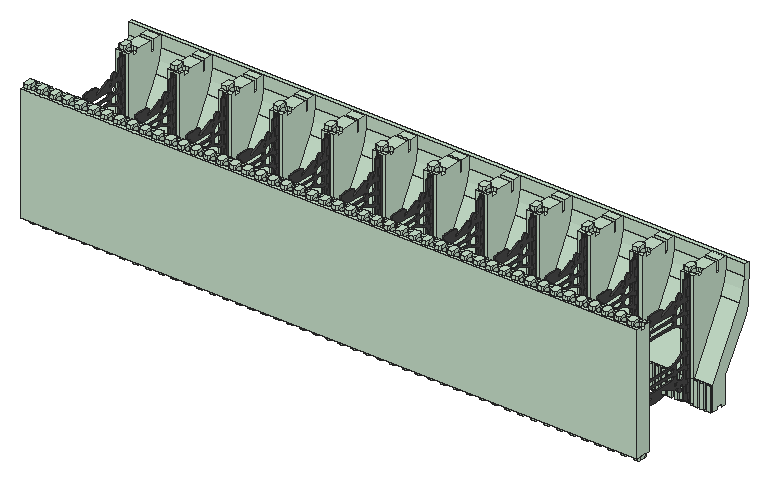
Revit family (continued)
Definition of nested family "NUDURA Diamond Pattern"
  Lines and regions (mm)
    model lines
      curve 170: line (93.906, -142.875, 34.508) -> (85.183, -142.875, 25.785)
      curve 171: arc (85.183, -142.875, 25.785) -> (82.394, -142.875, 19.05) -> (85.183, -142.875, 12.315) r 9.525
      curve 172: line (85.183, -142.875, 12.315) -> (94.708, -142.875, 2.79)
      curve 173: arc (94.708, -142.875, 2.79) -> (101.444, -142.875, 0) -> (108.179, -142.875, 2.79) r 9.525
      curve 174: line (108.179, -142.875, 2.79) -> (117.704, -142.875, 12.315)
      curve 175: arc (117.704, -142.875, 12.315) -> (120.494, -142.875, 19.05) -> (117.704, -142.875, 25.785) r 9.525
      curve 176: line (117.704, -142.875, 25.785) -> (108.981, -142.875, 34.508)
      curve 177: arc (108.981, -142.875, 41.692) -> (107.493, -142.875, 38.1) -> (108.981, -142.875, 34.508) r 5.08
      curve 178: arc (105.934, -142.875, 33.065) -> (101.444, -142.875, 34.925) -> (96.953, -142.875, 33.065) r 6.35
      curve 179: line (115.459, -142.875, 23.54) -> (105.934, -142.875, 33.065)
      curve 180: arc (115.459, -142.875, 14.56) -> (117.319, -142.875, 19.05) -> (115.459, -142.875, 23.54) r 6.35
      curve 181: line (105.934, -142.875, 5.035) -> (115.459, -142.875, 14.56)
      curve 182: arc (96.953, -142.875, 5.035) -> (101.444, -142.875, 3.175) -> (105.934, -142.875, 5.035) r 6.35
      curve 183: line (87.428, -142.875, 14.56) -> (96.953, -142.875, 5.035)
      curve 184: arc (87.428, -142.875, 23.54) -> (85.569, -142.875, 19.05) -> (87.428, -142.875, 14.56) r 6.35
      curve 185: line (96.953, -142.875, 33.065) -> (87.428, -142.875, 23.54)
      curve 186: arc (108.981, -142.875, 79.792) -> (107.493, -142.875, 76.2) -> (108.981, -142.875, 72.608) r 5.08
      curve 187: arc (108.981, -142.875, 117.892) -> (107.493, -142.875, 114.3) -> (108.981, -142.875, 110.708) r 5.08
      curve 188: arc (108.981, -142.875, 155.992) -> (107.493, -142.875, 152.4) -> (108.981, -142.875, 148.808) r 5.08
      curve 189: arc (108.981, -142.875, 194.092) -> (107.493, -142.875, 190.5) -> (108.981, -142.875, 186.908) r 5.08
      curve 190: arc (108.981, -142.875, 232.192) -> (107.493, -142.875, 228.6) -> (108.981, -142.875, 225.008) r 5.08
      curve 191: arc (108.981, -142.875, 270.292) -> (107.493, -142.875, 266.7) -> (108.981, -142.875, 263.108) r 5.08
      curve 192: arc (108.981, -142.875, 308.392) -> (107.493, -142.875, 304.8) -> (108.981, -142.875, 301.208) r 5.08
      curve 193: arc (108.981, -142.875, 346.492) -> (107.493, -142.875, 342.9) -> (108.981, -142.875, 339.308) r 5.08
      curve 194: arc (108.981, -142.875, 384.592) -> (107.493, -142.875, 381) -> (108.981, -142.875, 377.408) r 5.08
      curve 195: arc (108.981, -142.875, 422.692) -> (107.493, -142.875, 419.1) -> (108.981, -142.875, 415.508) r 5.08
Definition of nested family "NUDURA Logo Diamond"
  Reference planes
    plane 1 "Center (Front/Back)": y = 0
    plane 2: z = 0
    plane 3 "Center (Left/Right)": x = 0
  Lines and regions (mm)
    model lines
      curve 1: line (320.001, 0, 444.526) -> (311.021, 0, 453.507)
      curve 2: line (313.973, 0, 425.925) -> (320.001, 0, 431.954)
      curve 3: line (320.001, 0, 406.426) -> (313.973, 0, 412.455)
      curve 4: line (313.973, 0, 387.825) -> (320.001, 0, 393.854)
      curve 5: line (320.001, 0, 368.326) -> (313.973, 0, 374.355)
      curve 6: line (313.973, 0, 349.725) -> (320.001, 0, 355.754)
      curve 7: line (309.225, 0, 337.411) -> (322.887, 0, 323.749)
      curve 8: line (322.887, 0, 323.749) -> (324.683, 0, 325.545)
      curve 9: line (286.583, 0, 323.749) -> (300.245, 0, 337.411)
      curve 10: line (295.497, 0, 336.255) -> (284.787, 0, 325.545)
      curve 11: line (289.468, 0, 355.754) -> (295.497, 0, 349.725)
      curve 12: line (295.497, 0, 374.355) -> (289.468, 0, 368.326)
      curve 13: line (289.468, 0, 393.854) -> (295.497, 0, 387.825)
      curve 14: line (295.497, 0, 412.455) -> (289.468, 0, 406.426)
      curve 15: line (289.468, 0, 431.954) -> (295.497, 0, 425.925)
      curve 16: line (298.449, 0, 453.507) -> (289.468, 0, 444.526)
      curve 17: line (300.245, 0, 451.711) -> (291.265, 0, 442.73)
      curve 18: line (318.205, 0, 442.73) -> (309.225, 0, 451.711)
      curve 19: line (309.225, 0, 424.77) -> (318.205, 0, 433.75)
      curve 20: line (291.265, 0, 433.75) -> (300.245, 0, 424.77)
      curve 21: arc (289.468, 0, 444.526) -> (286.865, 0, 438.24) -> (289.468, 0, 431.954) r 8.89
      curve 22: arc (298.449, 0, 453.507) -> (304.735, 0, 456.111) -> (311.021, 0, 453.507) r 8.89
      curve 23: arc (291.265, 0, 442.73) -> (289.405, 0, 438.24) -> (291.265, 0, 433.75) r 6.35
      curve 24: arc (318.205, 0, 442.73) -> (320.065, 0, 438.24) -> (318.205, 0, 433.75) r 6.35
      curve 25: arc (309.225, 0, 424.77) -> (304.735, 0, 422.91) -> (300.245, 0, 424.77) r 6.35
      curve 26: arc (300.245, 0, 451.711) -> (304.735, 0, 453.571) -> (309.225, 0, 451.711) r 6.35
      curve 27: arc (320.001, 0, 444.526) -> (322.605, 0, 438.24) -> (320.001, 0, 431.954) r 8.89
      curve 28: arc (295.497, 0, 425.925) -> (298.287, 0, 419.19) -> (295.497, 0, 412.455) r 9.525
      curve 29: arc (313.973, 0, 425.925) -> (311.183, 0, 419.19) -> (313.973, 0, 412.455) r 9.525
      curve 30: line (313.973, 0, 387.825) -> (320.001, 0, 393.854)
      curve 31: line (289.468, 0, 393.854) -> (295.497, 0, 387.825)
      curve 32: line (300.245, 0, 413.611) -> (291.265, 0, 404.63)
      curve 33: line (318.205, 0, 404.63) -> (309.225, 0, 413.611)
      curve 34: line (309.225, 0, 386.67) -> (318.205, 0, 395.65)
      curve 35: line (291.265, 0, 395.65) -> (300.245, 0, 386.67)
      curve 36: arc (289.468, 0, 406.426) -> (286.865, 0, 400.14) -> (289.468, 0, 393.854) r 8.89
      curve 37: arc (291.265, 0, 404.63) -> (289.405, 0, 400.14) -> (291.265, 0, 395.65) r 6.35
      curve 38: arc (318.205, 0, 404.63) -> (320.065, 0, 400.14) -> (318.205, 0, 395.65) r 6.35
      curve 39: arc (309.225, 0, 386.67) -> (304.735, 0, 384.81) -> (300.245, 0, 386.67) r 6.35
      curve 40: arc (300.245, 0, 413.611) -> (304.735, 0, 415.471) -> (309.225, 0, 413.611) r 6.35
      curve 41: arc (320.001, 0, 406.426) -> (322.605, 0, 400.14) -> (320.001, 0, 393.854) r 8.89
      curve 42: line (295.497, 0, 412.455) -> (289.468, 0, 406.426)
      curve 43: line (320.001, 0, 406.426) -> (313.973, 0, 412.455)
      curve 44: arc (295.497, 0, 387.825) -> (298.287, 0, 381.09) -> (295.497, 0, 374.355) r 9.525
      curve 45: arc (313.973, 0, 387.825) -> (311.183, 0, 381.09) -> (313.973, 0, 374.355) r 9.525
      curve 46: line (313.973, 0, 349.725) -> (320.001, 0, 355.754)
      curve 47: line (289.468, 0, 355.754) -> (295.497, 0, 349.725)
      curve 48: line (300.245, 0, 375.511) -> (291.265, 0, 366.53)
      curve 49: line (318.205, 0, 366.53) -> (309.225, 0, 375.511)
      curve 50: line (309.225, 0, 348.57) -> (318.205, 0, 357.55)
      curve 51: line (291.265, 0, 357.55) -> (300.245, 0, 348.57)
      curve 52: arc (289.468, 0, 368.326) -> (286.865, 0, 362.04) -> (289.468, 0, 355.754) r 8.89
      curve 53: arc (291.265, 0, 366.53) -> (289.405, 0, 362.04) -> (291.265, 0, 357.55) r 6.35
      curve 54: arc (318.205, 0, 366.53) -> (320.065, 0, 362.04) -> (318.205, 0, 357.55) r 6.35
      curve 55: arc (309.225, 0, 348.57) -> (304.735, 0, 346.71) -> (300.245, 0, 348.57) r 6.35
      curve 56: arc (300.245, 0, 375.511) -> (304.735, 0, 377.371) -> (309.225, 0, 375.511) r 6.35
      curve 57: arc (320.001, 0, 368.326) -> (322.605, 0, 362.04) -> (320.001, 0, 355.754) r 8.89
      curve 58: line (295.497, 0, 374.355) -> (289.468, 0, 368.326)
      curve 59: arc (295.497, 0, 349.725) -> (298.287, 0, 342.99) -> (295.497, 0, 336.255) r 9.525
      curve 60: arc (313.973, 0, 349.725) -> (311.183, 0, 342.99) -> (313.973, 0, 336.255) r 9.525
      curve 61: line (324.683, 0, 325.545) -> (313.973, 0, 336.255)
      curve 62: line (284.787, 0, 325.545) -> (286.583, 0, 323.749)
      curve 63: arc (300.245, 0, 337.411) -> (304.735, 0, 339.271) -> (309.225, 0, 337.411) r 6.35
      curve 64: line (320.001, 0, 12.854) -> (311.021, 0, 3.874)
      curve 65: line (313.973, 0, 31.455) -> (320.001, 0, 25.426)
      curve 66: line (320.001, 0, 50.954) -> (313.973, 0, 44.925)
      curve 67: line (313.973, 0, 69.555) -> (320.001, 0, 63.526)
      curve 68: line (320.001, 0, 89.054) -> (313.973, 0, 83.025)
      curve 69: line (313.973, 0, 107.655) -> (320.001, 0, 101.626)
      curve 70: line (309.225, 0, 119.97) -> (322.887, 0, 133.632)
      curve 71: line (322.887, 0, 133.632) -> (324.683, 0, 131.836)
      curve 72: line (286.583, 0, 133.632) -> (300.245, 0, 119.97)
      curve 73: line (295.497, 0, 121.125) -> (284.787, 0, 131.836)
      curve 74: line (289.468, 0, 101.626) -> (295.497, 0, 107.655)
      curve 75: line (295.497, 0, 83.025) -> (289.468, 0, 89.054)
      curve 76: line (289.468, 0, 63.526) -> (295.497, 0, 69.555)
      curve 77: line (295.497, 0, 44.925) -> (289.468, 0, 50.954)
      curve 78: line (289.468, 0, 25.426) -> (295.497, 0, 31.455)
      curve 79: line (298.449, 0, 3.874) -> (289.468, 0, 12.854)
      curve 80: line (300.245, 0, 5.67) -> (291.265, 0, 14.65)
      curve 81: line (318.205, 0, 14.65) -> (309.225, 0, 5.67)
      curve 82: line (309.225, 0, 32.611) -> (318.205, 0, 23.63)
      curve 83: line (291.265, 0, 23.63) -> (300.245, 0, 32.611)
      curve 84: arc (289.468, 0, 12.854) -> (286.865, 0, 19.14) -> (289.468, 0, 25.426) r 8.89
      curve 85: arc (298.449, 0, 3.874) -> (304.735, 0, 1.27) -> (311.021, 0, 3.874) r 8.89
      curve 86: arc (291.265, 0, 14.65) -> (289.405, 0, 19.14) -> (291.265, 0, 23.63) r 6.35
      curve 87: arc (318.205, 0, 14.65) -> (320.065, 0, 19.14) -> (318.205, 0, 23.63) r 6.35
      curve 88: arc (309.225, 0, 32.611) -> (304.735, 0, 34.471) -> (300.245, 0, 32.611) r 6.35
      curve 89: arc (300.245, 0, 5.67) -> (304.735, 0, 3.81) -> (309.225, 0, 5.67) r 6.35
      curve 90: arc (320.001, 0, 12.854) -> (322.605, 0, 19.14) -> (320.001, 0, 25.426) r 8.89
      curve 91: arc (295.497, 0, 31.455) -> (298.287, 0, 38.19) -> (295.497, 0, 44.925) r 9.525
      curve 92: arc (313.973, 0, 31.455) -> (311.183, 0, 38.19) -> (313.973, 0, 44.925) r 9.525
      curve 93: line (313.973, 0, 69.555) -> (320.001, 0, 63.526)
      curve 94: line (289.468, 0, 63.526) -> (295.497, 0, 69.555)
      curve 95: line (300.245, 0, 43.77) -> (291.265, 0, 52.75)
      curve 96: line (318.205, 0, 52.75) -> (309.225, 0, 43.77)
      curve 97: line (309.225, 0, 70.711) -> (318.205, 0, 61.73)
      curve 98: line (291.265, 0, 61.73) -> (300.245, 0, 70.711)
      curve 99: arc (289.468, 0, 50.954) -> (286.865, 0, 57.24) -> (289.468, 0, 63.526) r 8.89
      curve 100: arc (291.265, 0, 52.75) -> (289.405, 0, 57.24) -> (291.265, 0, 61.73) r 6.35
      curve 101: arc (318.205, 0, 52.75) -> (320.065, 0, 57.24) -> (318.205, 0, 61.73) r 6.35
      curve 102: arc (309.225, 0, 70.711) -> (304.735, 0, 72.571) -> (300.245, 0, 70.711) r 6.35
      curve 103: arc (300.245, 0, 43.77) -> (304.735, 0, 41.91) -> (309.225, 0, 43.77) r 6.35
      curve 104: arc (320.001, 0, 50.954) -> (322.605, 0, 57.24) -> (320.001, 0, 63.526) r 8.89
      curve 105: line (295.497, 0, 44.925) -> (289.468, 0, 50.954)
      curve 106: line (320.001, 0, 50.954) -> (313.973, 0, 44.925)
      curve 107: arc (295.497, 0, 69.555) -> (298.287, 0, 76.29) -> (295.497, 0, 83.025) r 9.525
      curve 108: arc (313.973, 0, 69.555) -> (311.183, 0, 76.29) -> (313.973, 0, 83.025) r 9.525
      curve 109: line (313.973, 0, 107.655) -> (320.001, 0, 101.626)
      curve 110: line (289.468, 0, 101.626) -> (295.497, 0, 107.655)
      curve 111: line (300.245, 0, 81.87) -> (291.265, 0, 90.85)
      curve 112: line (318.205, 0, 90.85) -> (309.225, 0, 81.87)
      curve 113: line (309.225, 0, 108.811) -> (318.205, 0, 99.83)
      curve 114: line (291.265, 0, 99.83) -> (300.245, 0, 108.811)
      curve 115: arc (289.468, 0, 89.054) -> (286.865, 0, 95.34) -> (289.468, 0, 101.626) r 8.89
      curve 116: arc (291.265, 0, 90.85) -> (289.405, 0, 95.34) -> (291.265, 0, 99.83) r 6.35
      curve 117: arc (318.205, 0, 90.85) -> (320.065, 0, 95.34) -> (318.205, 0, 99.83) r 6.35
      curve 118: arc (309.225, 0, 108.811) -> (304.735, 0, 110.671) -> (300.245, 0, 108.811) r 6.35
      curve 119: arc (300.245, 0, 81.87) -> (304.735, 0, 80.01) -> (309.225, 0, 81.87) r 6.35
      curve 120: arc (320.001, 0, 89.054) -> (322.605, 0, 95.34) -> (320.001, 0, 101.626) r 8.89
      curve 121: line (295.497, 0, 83.025) -> (289.468, 0, 89.054)
      curve 122: arc (295.497, 0, 107.655) -> (298.287, 0, 114.39) -> (295.497, 0, 121.125) r 9.525
      curve 123: arc (313.973, 0, 107.655) -> (311.183, 0, 114.39) -> (313.973, 0, 121.125) r 9.525
      curve 124: line (324.683, 0, 131.836) -> (313.973, 0, 121.125)
      curve 125: line (284.787, 0, 131.836) -> (286.583, 0, 133.632)
      curve 126: arc (300.245, 0, 119.97) -> (304.735, 0, 118.11) -> (309.225, 0, 119.97) r 6.35
      curve 127: line (314.26, 0, 317.59) -> (295.21, 0, 317.59)
      curve 128: line (323.785, 0, 149.315) -> (323.785, 0, 308.065)
      curve 129: line (285.685, 0, 308.065) -> (285.685, 0, 149.315)
      curve 130: line (295.21, 0, 139.79) -> (314.26, 0, 139.79)
      curve 131: line (316.797, 0, 304.89) -> (305.798, 0, 311.24)
      curve 132: line (316.797, 0, 292.19) -> (316.797, 0, 304.89)
      curve 133: line (311.298, 0, 289.015) -> (316.797, 0, 292.19)
      curve 134: line (305.373, 0, 292.436) -> (311.298, 0, 289.015)
      curve 135: line (310.447, 0, 295.365) -> (305.373, 0, 292.436)
      curve 136: line (299.874, 0, 307.82) -> (310.447, 0, 301.715)
      curve 137: line (310.447, 0, 301.715) -> (310.447, 0, 295.365)
      curve 138: line (305.798, 0, 311.24) -> (299.874, 0, 307.82)
      curve 139: line (299.023, 0, 295.611) -> (304.097, 0, 298.54)
      curve 140: line (304.097, 0, 298.54) -> (298.172, 0, 301.961)
      curve 141: line (298.172, 0, 301.961) -> (292.673, 0, 298.786)
      curve 142: line (292.673, 0, 298.786) -> (292.673, 0, 286.086)
      curve 143: line (299.023, 0, 289.261) -> (299.023, 0, 295.611)
      curve 144: line (309.596, 0, 283.156) -> (299.023, 0, 289.261)
      curve 145: line (303.671, 0, 279.736) -> (309.596, 0, 283.156)
      curve 146: line (292.673, 0, 286.086) -> (303.671, 0, 279.736)
      curve 147: line (312.702, 0, 269.344) -> (296.768, 0, 272.912)
      curve 148: line (296.768, 0, 272.912) -> (296.768, 0, 267.036)
      curve 149: line (296.768, 0, 267.036) -> (308.089, 0, 264.517)
      curve 150: line (308.089, 0, 264.517) -> (296.768, 0, 260.949)
      curve 151: line (296.768, 0, 260.949) -> (296.768, 0, 251.084)
      curve 152: line (296.768, 0, 251.084) -> (309.138, 0, 248.314)
      curve 153: line (309.138, 0, 248.314) -> (309.138, 0, 247.516)
      curve 154: line (309.138, 0, 247.516) -> (301.281, 0, 248.991)
      curve 155: line (296.768, 0, 245.246) -> (296.768, 0, 237.71)
      curve 156: line (306.598, 0, 222.094) -> (306.598, 0, 228.599)
      curve 157: line (306.598, 0, 228.599) -> (296.768, 0, 230.786)
      curve 158: line (296.768, 0, 230.786) -> (296.768, 0, 215.343)
      curve 159: line (302.723, 0, 230.274) -> (312.702, 0, 228.039)
      curve 160: line (300.341, 0, 217.291) -> (300.341, 0, 223.486)
      curve 161: line (300.341, 0, 223.486) -> (306.598, 0, 222.094)
      curve 162: line (296.768, 0, 205.027) -> (296.768, 0, 197.49)
      curve 163: line (302.723, 0, 190.055) -> (310.162, 0, 188.389)
      curve 164: line (310.162, 0, 188.389) -> (310.162, 0, 176.633)
      curve 165: line (308.892, 0, 175.363) -> (307.868, 0, 175.363)
      curve 166: line (306.598, 0, 176.633) -> (306.598, 0, 180.004)
      curve 167: line (306.598, 0, 180.004) -> (307.868, 0, 179.719)
      curve 168: line (307.868, 0, 179.719) -> (307.868, 0, 186.3)
      curve 169: line (307.868, 0, 186.3) -> (296.768, 0, 188.785)
      curve 170: line (296.768, 0, 188.785) -> (296.768, 0, 182.205)
      curve 171: line (296.768, 0, 182.205) -> (304.058, 0, 180.572)
      curve 172: line (304.058, 0, 180.572) -> (304.058, 0, 177.654)
      curve 173: line (302.788, 0, 176.384) -> (296.768, 0, 176.384)
      curve 174: line (296.768, 0, 176.384) -> (296.768, 0, 164.003)
      curve 175: line (296.768, 0, 164.003) -> (299.284, 0, 162.219)
      curve 176: line (299.284, 0, 162.219) -> (299.284, 0, 153.715)
      curve 177: line (307.942, 0, 156.079) -> (301.824, 0, 160.418)
      curve 178: line (301.824, 0, 160.418) -> (301.824, 0, 154.409)
      curve 179: line (301.824, 0, 154.409) -> (307.942, 0, 156.079)
      curve 180: line (299.284, 0, 153.715) -> (296.768, 0, 153.028)
      curve 181: line (296.768, 0, 153.028) -> (296.768, 0, 146.14)
      curve 182: line (296.768, 0, 146.14) -> (312.702, 0, 150.491)
      curve 183: line (312.702, 0, 150.491) -> (312.702, 0, 159.713)
      curve 184: line (312.702, 0, 159.713) -> (298.767, 0, 169.594)
      curve 185: line (298.767, 0, 169.594) -> (302.342, 0, 169.594)
      curve 186: line (312.702, 0, 172.383) -> (312.702, 0, 193.945)
      curve 187: line (312.702, 0, 193.945) -> (302.326, 0, 196.268)
      curve 188: line (300.341, 0, 198.747) -> (300.341, 0, 201.381)
      curve 189: line (301.888, 0, 202.62) -> (312.702, 0, 200.199)
      curve 190: line (312.702, 0, 200.199) -> (312.702, 0, 206.628)
      curve 191: line (312.702, 0, 206.628) -> (306.843, 0, 207.728)
      curve 192: line (312.702, 0, 212.942) -> (312.702, 0, 227.241)
      curve 193: line (312.702, 0, 227.241) -> (309.138, 0, 228.034)
      curve 194: line (309.138, 0, 228.034) -> (309.138, 0, 217.291)
      curve 195: line (312.702, 0, 228.039) -> (312.702, 0, 234.164)
      curve 196: line (312.702, 0, 234.164) -> (302.326, 0, 236.488)
      curve 197: line (300.341, 0, 238.966) -> (300.341, 0, 241.6)
      curve 198: line (301.736, 0, 242.874) -> (312.702, 0, 240.418)
      curve 199: line (312.702, 0, 240.418) -> (312.702, 0, 253.611)
      curve 200: line (312.702, 0, 253.611) -> (302.429, 0, 255.912)
      curve 201: line (302.429, 0, 255.912) -> (312.702, 0, 259.27)
      curve 202: line (312.702, 0, 259.27) -> (312.702, 0, 269.344)
      curve 203: arc (296.768, 0, 245.246) -> (298.145, 0, 248.178) -> (301.281, 0, 248.991) r 3.81
      curve 204: arc (296.768, 0, 237.71) -> (298.44, 0, 232.946) -> (302.723, 0, 230.274) r 7.62
      curve 205: arc (300.842, 0, 208.826) -> (297.87, 0, 211.5) -> (296.768, 0, 215.343) r 7.251
      curve 206: arc (296.768, 0, 205.027) -> (297.979, 0, 207.812) -> (300.842, 0, 208.826) r 3.808
      curve 207: arc (296.768, 0, 197.49) -> (298.44, 0, 192.727) -> (302.723, 0, 190.055) r 7.62
      curve 208: arc (300.341, 0, 198.747) -> (300.898, 0, 197.159) -> (302.326, 0, 196.268) r 2.54
      curve 209: arc (300.341, 0, 201.381) -> (300.817, 0, 202.372) -> (301.888, 0, 202.62) r 1.27
      curve 210: arc (307.868, 0, 175.363) -> (306.969, 0, 175.735) -> (306.598, 0, 176.633) r 1.27
      curve 211: arc (308.892, 0, 175.363) -> (309.79, 0, 175.735) -> (310.162, 0, 176.633) r 1.27
      curve 212: arc (304.058, 0, 177.654) -> (303.686, 0, 176.756) -> (302.788, 0, 176.384) r 1.27
      curve 213: arc (302.342, 0, 169.594) -> (303.976, 0, 170.198) -> (304.826, 0, 171.718) r 2.516
      curve 214: arc (304.826, 0, 171.718) -> (309.07, 0, 168.432) -> (312.702, 0, 172.383) r 3.966
      curve 215: arc (306.843, 0, 207.728) -> (310.942, 0, 209.02) -> (312.702, 0, 212.942) r 5.249
      curve 216: arc (300.341, 0, 217.291) -> (304.739, 0, 212.893) -> (309.138, 0, 217.291) r 4.398
      curve 217: arc (300.341, 0, 238.966) -> (300.898, 0, 237.378) -> (302.326, 0, 236.488) r 2.54
      curve 218: arc (300.341, 0, 241.6) -> (300.886, 0, 242.648) -> (302.057, 0, 242.802) r 1.279
      curve 219: arc (285.685, 0, 308.065) -> (288.475, 0, 314.8) -> (295.21, 0, 317.59) r 9.525
      curve 220: arc (314.26, 0, 317.59) -> (320.995, 0, 314.8) -> (323.785, 0, 308.065) r 9.525
      curve 221: arc (285.685, 0, 149.315) -> (288.475, 0, 142.58) -> (295.21, 0, 139.79) r 9.525
      curve 222: arc (314.26, 0, 139.79) -> (320.995, 0, 142.58) -> (323.785, 0, 149.315) r 9.525
      curve 223: line (253.935, 0, 457.2) -> (253.935, 0, 0)
      curve 224: line (355.535, 0, 457.2) -> (355.535, 0, 0)
      curve 225: line (406.335, 0, 457.2) -> (406.335, 0, 0)
Definition of nested family "NUDURA Brick Ledge Diamond Pattern"
  Reference planes
    plane 1 "Center (Front/Back)": y = 0
    plane 2: z = 0
    plane 3 "Center (Left/Right)": x = 0
    plane 4: z = 101.6
  Lines and regions (mm)
    model lines
      curve 1: line (203.2, -142.875, 101.6) -> (203.2, -142.875, 0)
      curve 2: line (152.4, -142.875, 101.6) -> (152.4, -142.875, 0)
      curve 3: line (50.8, -142.875, 101.6) -> (50.8, -142.875, 0)
      curve 4: arc (117.704, -142.875, 88.515) -> (120.494, -142.875, 95.25) -> (117.704, -142.875, 101.985) r 9.525
      curve 5: line (108.981, -142.875, 79.792) -> (117.704, -142.875, 88.515)
      curve 6: line (85.183, -142.875, 88.515) -> (93.906, -142.875, 79.792)
      curve 7: arc (85.183, -142.875, 101.985) -> (82.394, -142.875, 95.25) -> (85.183, -142.875, 88.515) r 9.525
      curve 8: arc (105.934, -142.875, 109.265) -> (101.444, -142.875, 111.125) -> (96.953, -142.875, 109.265) r 6.35
      curve 9: line (96.953, -142.875, 109.265) -> (87.428, -142.875, 99.74)
      curve 10: arc (87.428, -142.875, 99.74) -> (85.569, -142.875, 95.25) -> (87.428, -142.875, 90.76) r 6.35
      curve 11: line (87.428, -142.875, 90.76) -> (96.953, -142.875, 81.235)
      curve 12: arc (96.953, -142.875, 81.235) -> (101.444, -142.875, 79.375) -> (105.934, -142.875, 81.235) r 6.35
      curve 13: line (105.934, -142.875, 81.235) -> (115.459, -142.875, 90.76)
      curve 14: arc (115.459, -142.875, 90.76) -> (117.319, -142.875, 95.25) -> (115.459, -142.875, 99.74) r 6.35
      curve 15: line (115.459, -142.875, 99.74) -> (105.934, -142.875, 109.265)
      curve 16: arc (93.906, -142.875, 72.608) -> (95.394, -142.875, 76.2) -> (93.906, -142.875, 79.792) r 5.08
      curve 17: line (117.704, -142.875, 63.885) -> (108.981, -142.875, 72.608)
      curve 18: arc (117.704, -142.875, 50.415) -> (120.494, -142.875, 57.15) -> (117.704, -142.875, 63.885) r 9.525
      curve 19: line (108.981, -142.875, 41.692) -> (117.704, -142.875, 50.415)
      curve 20: line (85.183, -142.875, 50.415) -> (93.906, -142.875, 41.692)
      curve 21: arc (85.183, -142.875, 63.885) -> (82.394, -142.875, 57.15) -> (85.183, -142.875, 50.415) r 9.525
      curve 22: line (93.906, -142.875, 72.608) -> (85.183, -142.875, 63.885)
      curve 23: arc (105.934, -142.875, 71.165) -> (101.444, -142.875, 73.025) -> (96.953, -142.875, 71.165) r 6.35
      curve 24: line (96.953, -142.875, 71.165) -> (87.428, -142.875, 61.64)
      curve 25: arc (87.428, -142.875, 61.64) -> (85.569, -142.875, 57.15) -> (87.428, -142.875, 52.66) r 6.35
      curve 26: line (87.428, -142.875, 52.66) -> (96.953, -142.875, 43.135)
      curve 27: arc (96.953, -142.875, 43.135) -> (101.444, -142.875, 41.275) -> (105.934, -142.875, 43.135) r 6.35
      curve 28: line (105.934, -142.875, 43.135) -> (115.459, -142.875, 52.66)
      curve 29: arc (115.459, -142.875, 52.66) -> (117.319, -142.875, 57.15) -> (115.459, -142.875, 61.64) r 6.35
      curve 30: line (115.459, -142.875, 61.64) -> (105.934, -142.875, 71.165)
      curve 31: arc (93.906, -142.875, 34.508) -> (95.394, -142.875, 38.1) -> (93.906, -142.875, 41.692) r 5.08
      curve 32: line (93.906, -142.875, 34.508) -> (85.183, -142.875, 25.785)
      curve 33: arc (85.183, -142.875, 25.785) -> (82.394, -142.875, 19.05) -> (85.183, -142.875, 12.315) r 9.525
      curve 34: line (85.183, -142.875, 12.315) -> (94.708, -142.875, 2.79)
      curve 35: arc (94.708, -142.875, 2.79) -> (101.444, -142.875, 0) -> (108.179, -142.875, 2.79) r 9.525
      curve 36: line (108.179, -142.875, 2.79) -> (117.704, -142.875, 12.315)
      curve 37: arc (117.704, -142.875, 12.315) -> (120.494, -142.875, 19.05) -> (117.704, -142.875, 25.785) r 9.525
      curve 38: line (117.704, -142.875, 25.785) -> (108.981, -142.875, 34.508)
      curve 39: arc (108.981, -142.875, 41.692) -> (107.493, -142.875, 38.1) -> (108.981, -142.875, 34.508) r 5.08
      curve 40: arc (105.934, -142.875, 33.065) -> (101.444, -142.875, 34.925) -> (96.953, -142.875, 33.065) r 6.35
      curve 41: line (115.459, -142.875, 23.54) -> (105.934, -142.875, 33.065)
      curve 42: arc (115.459, -142.875, 14.56) -> (117.319, -142.875, 19.05) -> (115.459, -142.875, 23.54) r 6.35
      curve 43: line (105.934, -142.875, 5.035) -> (115.459, -142.875, 14.56)
      curve 44: arc (96.953, -142.875, 5.035) -> (101.444, -142.875, 3.175) -> (105.934, -142.875, 5.035) r 6.35
      curve 45: line (87.428, -142.875, 14.56) -> (96.953, -142.875, 5.035)
      curve 46: arc (87.428, -142.875, 23.54) -> (85.569, -142.875, 19.05) -> (87.428, -142.875, 14.56) r 6.35
      curve 47: line (96.953, -142.875, 33.065) -> (87.428, -142.875, 23.54)
      curve 48: arc (108.981, -142.875, 79.792) -> (107.493, -142.875, 76.2) -> (108.981, -142.875, 72.608) r 5.08
      curve 49: line (94.708, -142.875, 111.51) -> (85.183, -142.875, 101.985)
      curve 50: arc (108.179, -142.875, 111.51) -> (101.444, -142.875, 114.3) -> (94.708, -142.875, 111.51) r 9.525
      curve 51: line (117.704, -142.875, 101.985) -> (108.179, -142.875, 111.51)
